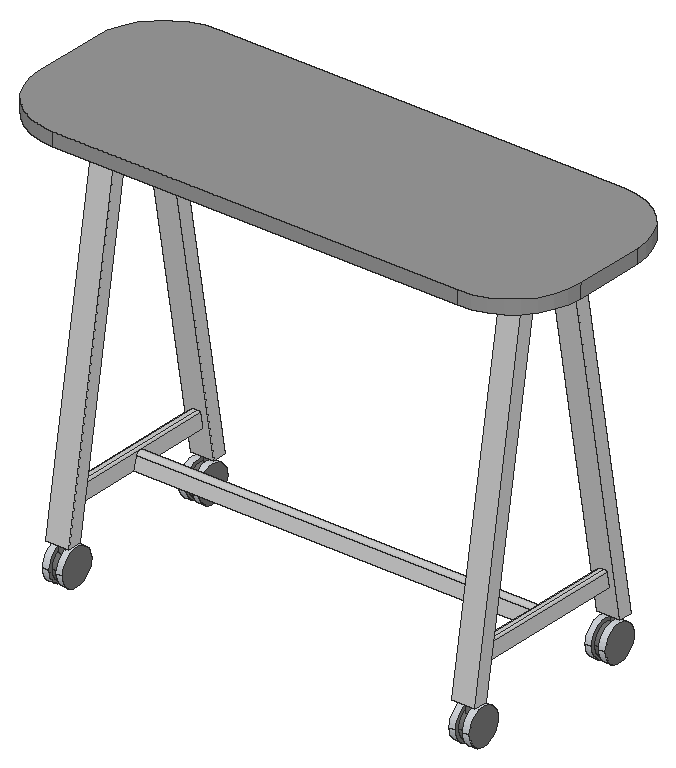
Revit family "Haworth_PopUp_Oval_Table_EU_PRELIMINARY", category Furniture, Revit 2018
Family settings
  OmniClass Number = 23.40.70.14.64.21
  OmniClass Title = Systems Furniture
  Work Plane-Based = No
  Always vertical = Yes
  Cut with Voids When Loaded = No
  Shared = No
  Room Calculation Point = No
Parameters (values of type "120 x 46 x 91.5")
  Warranty = "http://www.haworth.com/resources/product-info/warranties"
  URL - Product = "https://www.haworth.com/eu/en/products/meeting-tables/popup.html"
  Type Comments = ""
  Table Finish [instance] = Haworth _ Laminate _ Undecided _ Tables
  Small = Depth < 50 cm  # yes
  Plate Depth = Actual Depth - 35 cm  # 11 cm
  Model = "TPRPXXXX"  # constant formula
  Low = yes
  Leg Finish [instance] = Haworth _ Paint _ Undecided _ Table
  Min/Max Height = "91.5, 104 cm"  # constant formula
  Large = not(Small)  # no
  High = not(Low)  # no
  Glides = not(Casters)  # no
  Foot Rail Finish [instance] = Haworth _ Paint _ Undecided _ Table
  Description = "Haworth - PopUp - Oval Table"  # constant formula
  Width = 120 cm
  URL = "https://www.haworth.com/eu/en.html"
  Table Thickness = 3 cm  # constant formula
  Support Offset = 15 cm  # constant formula
  Size = "Verify Final Dim. w/ Haworth"  # constant formula
  Revision Number = "1"  # constant formula
  Min/Max Width = "120, 140, 160, 180 cm"  # constant formula
  Min/Max Depth = "46, 60, 76 cm"  # constant formula
  Min. Width = 120 cm  # constant formula
  Max. Width = 180 cm  # constant formula
  Min. Depth = 45 cm  # constant formula
  Max. Depth = 75 cm  # constant formula
  Manufacturer = "Haworth"  # constant formula
  Leg Height = Actual Height - Table Thickness  # 88.5 cm
  Depth = 46 cm
  Custom Size = not(and(or(Depth = 46 cm, Depth = 60 cm, Depth = 76 cm), or(Width = 120 cm, Width = 140 cm, Width = 160 cm, Width = 180 cm)))  # no
  Casters = yes
  Caster Finish = Haworth _ Paint _ Metallic Gunmetal
  Bag Hook [instance] = yes
  Author = "Haworth (Alias, Abd Rahman)"  # constant formula
  Assembly Code = "E2020200"
  Actual Width = if(Width < Min. Width, Min. Width, if(Width > Max. Width, Max. Width, Width))  # 120 cm
  Actual Height = if(Low, 91.5 cm, 104 cm)  # 91.5 cm
  Actual Depth = if(Depth > Max. Depth, Max. Depth, if(Depth < Min. Depth, Min. Depth, Depth))  # 46 cm
  Accent Plate [instance] = Depth > 50 cm  # no
Types (4, lengths in cm): name | Small | Plate Depth | Low | Large | High | Width | Leg Height | Depth | Actual Width | Actual Height | Actual Depth | Accent Plate
  180 x 76 x 104 | no | 40 | no | yes | yes | 180 | 101 | 76 | 180 | 104 | 75 | yes
  120 x 46 x 91.5 | yes | 11 | yes | no | no | 120 | 88.5 | 46 | 120 | 91.5 | 46 | no
  140 x 60 x 91.5 | no | 25 | no | yes | yes | 140 | 101 | 60 | 140 | 104 | 60 | yes
  160 x 76 x 91.5 | no | 40 | yes | yes | no | 160 | 88.5 | 76 | 160 | 91.5 | 75 | yes
Reference planes (cm)
  plane 1 "Center F/B": y = 15.6
  plane 2: z = 0
  plane 3 "Center L/R": x = 14.04
  plane 4 "Table Left": x = -45.96
  plane 5 "Table Right": x = 74.04
  plane 6 "Table Leg Left": x = -30.96
  plane 7 "Table Leg Right": x = 59.04
  plane 8 "Top": z = 91.5
  plane 9 "Table Thick": z = 88.5
  plane 10 "Bottom Stand 3": z = 15.0812
  plane 11 "Top Stand 3": z = 18.8912
  plane 12 "Back": y = 38.6
  plane 13 "Front": y = -7.4
  plane 14: y = -3.9822
  plane 15: y = 35.1822
  plane 16: x = 59.9915
  plane 17: x = 58.0865
  plane 18: x = -31.9115
  plane 19: x = -30.0065
  plane 20: y = 13.1
  plane 21: y = 18.1
  plane 22: z = 88.3571
  plane 23: x = -37.1469
  plane 24: x = -37.0453
  plane 25: z = 87
Forms (cm)
  Extrusion 1, solid, material "Haworth _ Laminate _ Undecided _ Tables" <- "Table Finish"
    sketch origin (0, 0, 91.5) x (-1, 0, 0) y (0, -1, 0)
      loop
        arc (30.72, -38.6) -> (41.4963, -34.1363) -> (45.96, -23.36) r 15.24
        line (45.96, -23.36) -> (45.96, -7.84)
        arc (45.96, -7.84) -> (41.4963, 2.9363) -> (30.72, 7.4) r 15.24
        line (30.72, 7.4) -> (-58.8, 7.4)
        arc (-58.8, 7.4) -> (-69.5763, 2.9363) -> (-74.04, -7.84) r 15.24
        line (-74.04, -7.84) -> (-74.04, -23.36)
        arc (-74.04, -23.36) -> (-69.5763, -34.1363) -> (-58.8, -38.6) r 15.24
        line (-58.8, -38.6) -> (30.72, -38.6)
    from 0 to -3
  Extrusion 2, solid, material "Haworth _ Paint _ Undecided _ Table" <- "Foot Rail Finish"
    sketch origin (14.04, 0, 0) x (0, 1, 0) y (0, 0, 1)
      loop
        line (13.8855, 15.0812) -> (17.3145, 15.0812) -> (16.5749, 17.8414)
        arc (16.5749, 17.8414) -> (15.6, 18.5895) -> (14.6251, 17.8414) r 1.0093
        line (14.6251, 17.8414) -> (13.8855, 15.0812)
    from -45 to 45
  Extrusion 3, solid, material "Haworth _ Paint _ Undecided _ Table" <- "Foot Rail Finish"
    sketch origin (0, -7.4, 0) x (1, 0, 0) y (0, 0, 1)
      loop
        line (58.0865, 15.0812) -> (59.9915, 15.0812) -> (59.9915, 18.3852)
        arc (59.9915, 18.3852) -> (59.8433, 18.743) -> (59.4855, 18.8912) r 0.506
        line (59.4855, 18.8912) -> (58.5945, 18.8912)
        arc (58.5945, 18.8912) -> (58.2353, 18.7425) -> (58.0865, 18.3833) r 0.508
        line (58.0865, 18.3833) -> (58.0865, 15.0812)
    from -42.5822 to -3.4178
  Extrusion 4, solid, material "Haworth _ Paint _ Undecided _ Table" <- "Foot Rail Finish"
    sketch origin (28.08, -7.4, 0) x (-1, 0, 0) y (0, 0, -1)
      loop
        line (58.0865, -15.0813) -> (58.0865, -18.3832)
        arc (58.0865, -18.3832) -> (58.2353, -18.7425) -> (58.5945, -18.8913) r 0.508
        line (58.5945, -18.8913) -> (59.4855, -18.8913)
        arc (59.4855, -18.8913) -> (59.8433, -18.743) -> (59.9915, -18.3852) r 0.506
        line (59.9915, -18.3852) -> (59.9915, -15.0813) -> (58.0865, -15.0813)
    from -42.5822 to -3.4178
  Extrusion 5, solid, material "Haworth _ Paint _ Undecided _ Table" <- "Leg Finish", visible <- "Bag Hook"
    sketch origin (0, -21.9, 0) x (1, 0, 0) y (0, 0, 1)
      loop
        line (-40.6805, 80.3212) -> (-40.8163, 80.252) -> (-39.4475, 77.5657)
        arc (-39.4475, 77.5657) -> (-38.0191, 76.9072) -> (-37.0453, 78.1424) r 1.2703
        line (-37.0453, 78.1424) -> (-37.0453, 88.5) -> (-41.1469, 88.5) -> (-41.1469, 88.3571) -> (-37.1469, 88.3571) -> (-37.1469, 78.1183)
        arc (-37.1469, 78.1183) -> (-38.0178, 77.0136) -> (-39.2953, 77.6026) r 1.1361
        line (-39.2953, 77.6026) -> (-40.6805, 80.3212)
    from -40 to -35
Lines and regions (cm)
  Masking region 1
    outline origin (0, 0, 91.5) x (-1, 0, 0) y (0, -1, 0)
      loop
        arc (30.72, -38.6) -> (41.4963, -34.1363) -> (45.96, -23.36) r 15.24
        line (45.96, -23.36) -> (45.96, -7.84)
        arc (45.96, -7.84) -> (41.4963, 2.9363) -> (30.72, 7.4) r 15.24
        line (30.72, 7.4) -> (-58.8, 7.4)
        arc (-58.8, 7.4) -> (-69.5763, 2.9363) -> (-74.04, -7.84) r 15.24
        line (-74.04, -7.84) -> (-74.04, -23.36)
        arc (-74.04, -23.36) -> (-69.5763, -34.1363) -> (-58.8, -38.6) r 15.24
        line (-58.8, -38.6) -> (30.72, -38.6)
Dimensions and locks (cm)
  "Support Offset": plane 4 "Table Left" to plane 6 "Table Leg Left"
  "Support Offset": plane 7 "Table Leg Right" to plane 5 "Table Right"
  "Actual Width": plane 4 "Table Left" to plane 5 "Table Right"
  equal spacing: plane 4 "Table Left", plane 3 "Center L/R", plane 5 "Table Right"
  "Actual Height": plane 8 "Top" to level
  "Table Thickness": plane 8 "Top" to plane 9 "Table Thick"
  equal spacing: plane 13 "Front", plane 1 "Center F/B", plane 12 "Back"
  "Actual Depth": plane 13 "Front" to plane 12 "Back"
  locked: plane 13 "Front" to plane 14 at 3.4178
  locked: plane 15 to plane 12 "Back" at 3.4178
  plane 17 to plane 7 "Table Leg Right" to plane 16 = 0.9535 cm locked, 0.9515 cm locked
  plane 19 to plane 6 "Table Leg Left" to plane 18 = 0.9535 cm locked, 0.9515 cm locked
  equal spacing: plane 21, plane 1 "Center F/B", plane 20, locked at 2.5 each
  plane 23 to plane 24 to plane 6 "Table Leg Left" = 0.1016 cm locked, 6.0853 cm locked
  locked: plane 9 "Table Thick" to plane 22 at 0.1429
  locked: plane 9 "Table Thick" to plane 25 at 1.5
  aligned and locked: plane 9 "Table Thick" to Extrusion 1
  aligned and locked: plane 8 "Top" to Extrusion 1
  aligned and locked: plane 7 "Table Leg Right" to Extrusion 2
  aligned and locked: Extrusion 2 to plane 6 "Table Leg Left"
  aligned and locked: plane 7 "Table Leg Right" to nested 1
  aligned and locked: plane 13 "Front" to nested 1
  aligned and locked: nested 2 to plane 7 "Table Leg Right"
  aligned and locked: nested 2 to plane 12 "Back"
  aligned and locked: Extrusion 3 to plane 15
  aligned and locked: plane 14 to Extrusion 3
  aligned and locked: plane 6 "Table Leg Left" to nested 3
  aligned and locked: nested 3 to plane 13 "Front"
  aligned and locked: nested 4 to plane 6 "Table Leg Left"
  aligned and locked: plane 12 "Back" to nested 4
  aligned and locked: Extrusion 3 sketch curve to plane 11 "Top Stand 3"
  aligned and locked: Extrusion 3 sketch curve to plane 10 "Bottom Stand 3"
  aligned and locked: Extrusion 3 sketch curve to plane 16
  aligned and locked: Extrusion 3 sketch curve to plane 17
  aligned and locked: Extrusion 4 sketch curve to plane 18
  aligned and locked: Extrusion 4 sketch curve to plane 19
  aligned and locked: plane 11 "Top Stand 3" to Extrusion 4 sketch curve
  aligned and locked: plane 10 "Bottom Stand 3" to Extrusion 4 sketch curve
  aligned and locked: plane 14 to Extrusion 4
  aligned and locked: Extrusion 4 to plane 15
  aligned and locked: Extrusion 5 sketch curve to plane 9 "Table Thick"
  aligned and locked: Extrusion 5 to plane 20
  aligned and locked: Extrusion 5 to plane 21
  aligned and locked: plane 24 to Extrusion 5 sketch curve
  aligned and locked: Extrusion 5 sketch curve to plane 23
  aligned and locked: Extrusion 5 sketch curve to plane 22
  aligned and locked: Extrusion 1 sketch curve to plane 12 "Back"
  aligned and locked: Extrusion 1 sketch curve to plane 13 "Front"
  aligned and locked: Extrusion 1 sketch curve to plane 5 "Table Right"
  aligned and locked: plane 4 "Table Left" to Extrusion 1 sketch curve
  aligned and locked: Masking region 1 sketch curve to Extrusion 1  (x4)
  aligned and locked: plane 7 "Table Leg Right" to nested 5
  aligned and locked: nested 5 to plane 25
  aligned and locked: nested 5 to plane 1 "Center F/B"
  aligned and locked: plane 6 "Table Leg Left" to nested 6
  aligned and locked: nested 6 to plane 25
  aligned and locked: plane 1 "Center F/B" to nested 6
Automatic sketch dimensions
  Extrusion 2 sketch curve to plane 10 "Bottom Stand 3" = 0 cm
  Extrusion 2 sketch curve to plane 1 "Center F/B" = 0 cm
  plane 1 "Center F/B" to Extrusion 2 sketch curve = 0.9749 cm
  plane 1 "Center F/B" to Extrusion 2 sketch curve = 1.7145 cm
  Extrusion 2 sketch curve to plane 1 "Center F/B" = 0.9749 cm
  Extrusion 2 sketch curve to plane 1 "Center F/B" = 1.7145 cm
  Extrusion 2 sketch curve to plane 11 "Top Stand 3" = 1.3111 cm
  Extrusion 2 sketch curve to Extrusion 2 sketch curve = 0.2612 cm
  Extrusion 3 sketch curve to plane 7 "Table Leg Right" = 0.4455 cm
  plane 7 "Table Leg Right" to Extrusion 3 sketch curve = 0.4455 cm
  Extrusion 4 sketch curve to plane 6 "Table Leg Left" = 0.4455 cm
  plane 6 "Table Leg Left" to Extrusion 4 sketch curve = 0.4455 cm
  Extrusion 5 sketch curve to plane 4 "Table Left" = 5.1437 cm
  Extrusion 5 sketch curve to Extrusion 5 sketch curve = 0.1358 cm
  Extrusion 5 sketch curve to Extrusion 5 sketch curve = 1.3688 cm
  Extrusion 5 sketch curve to Extrusion 5 sketch curve = 0.1523 cm
  Extrusion 5 sketch curve to Extrusion 5 sketch curve = 0.9796 cm
  Extrusion 5 sketch curve to Extrusion 5 sketch curve = 0.0326 cm
  Extrusion 5 sketch curve to Extrusion 5 sketch curve = 4 cm
  Extrusion 5 sketch curve to Extrusion 5 sketch curve = 8.0359 cm
  Extrusion 5 sketch curve to Extrusion 5 sketch curve = 0.0692 cm
  Extrusion 5 sketch curve to Extrusion 5 sketch curve = 2.1788 cm
  Extrusion 5 sketch curve to Extrusion 5 sketch curve = 0.0241 cm
  plane 6 "Table Leg Left" to Extrusion 1 sketch curve = 0.24 cm  (x2)
  Extrusion 1 sketch curve to plane 7 "Table Leg Right" = 0.24 cm  (x2)
Nested families (cm)
  nested 1: "Haworth_PopUp-Leg_PART" at (59.04, 14.19, 0), Large Plate Control <- "Small", Small Plate Control <- "Large", type "Leg"
    with Small Plate Control no, Large Plate Control yes, Table 41h no, Table 36h yes, Leg Height 88.5 cm, Depth 18.3753 cm
  nested 2: "Haworth_PopUp-Leg_PART" at (59.04, 17.01, 0), Small Plate Control <- "Large", type "Leg"
    with Small Plate Control no, Large Plate Control no, Table 41h no, Table 36h yes, Leg Height 88.5 cm, Depth 18.3753 cm
  nested 3: "Haworth_PopUp-Leg_PART" at (-30.96, 14.19, 0) x (-1, 0, 0) z (0, 0, 1), Large Plate Control <- "Small", Small Plate Control <- "Large", type "Leg"
    with Small Plate Control no, Large Plate Control yes, Table 41h no, Table 36h yes, Leg Height 88.5 cm, Depth 18.3753 cm
  nested 4: "Haworth_PopUp-Leg_PART" at (-30.96, 17.01, 0) x (-1, 0, 0) z (0, 0, 1), Small Plate Control <- "Large", type "Leg"
    with Small Plate Control no, Large Plate Control no, Table 41h no, Table 36h yes, Leg Height 88.5 cm, Depth 18.3753 cm
  nested 5: "Haworth_PopUp-AccentPlate_PART" at (59.04, -0.8039, -1.5), visible <- "Accent Plate", type "Accent Plate"
    with Accent Plate Width 11 cm
  nested 6: "Haworth_PopUp-AccentPlate_PART" at (-30.96, -0.8039, -1.5) x (-1, 0, 0) z (0, 0, 1), visible <- "Accent Plate", type "Accent Plate"
    with Accent Plate Width 11 cm
Definition of nested family "Haworth_PopUp-Leg_PART"
  Parameters (values of type "Leg")
    Warranty = "http://www.haworth.com/resources/product-info/warranties"
    URL - Product = "https://www.haworth.com/products/tables/collaborative/popup"
    URL = "www.haworth.com"
    Table 41h = yes
    Table 36h = no
    Support Thickness = 0.7938 cm  # constant formula
    Small Plate Control [instance] = yes
    Revision = "1"  # constant formula
    Model = "Haworth PopUp"  # constant formula
    Manufacturer = "Haworth"  # constant formula
    Leg Height = 101.1238 cm
    Leg Finish = none
    Large Plate Control [instance] = yes
    Glides = no
    Description = "Haworth - PopUp Table - Leg_Part"  # constant formula
    Depth = if(Table 41h, 20.5978 cm, 18.3753 cm)  # 20.5978 cm
    Casters = yes
    Caster Finish = none
    Bottom Leg = if(Casters, 8.7313 cm, 2.54 cm)  # 8.7313 cm
    Author = "Haworth (Alias, Abd Rahman)"  # constant formula
    Assembly Code = ""
  Reference planes (cm)
    plane 1 "Back": y = -0.9922
    plane 2: z = 0
    plane 3 "Center (Left/Right)": x = 0
    plane 4 "Top of Leg": z = 101.1238
    plane 5 "Right": x = 2.54
    plane 6 "Left": x = -2.54
    plane 7 "Front": y = -21.59
    plane 8 "Front Stand 1": through (0, -20.3978, 7.62) normal (0, -0.9848, 0.1736)
    plane 9 "Back Stand 1": through (0, -17.4274, 7.0962) normal (0, -0.9848, 0.1736)
    plane 10 "Top of Stand": z = 100.33
    plane 11 "Back Support": y = 3.3413
    plane 12 "Right Support": x = 3.1673
    plane 13 "Front Support": y = -6.8187
    plane 14 "Left Support": x = -9.5327
    plane 15 "Caster Height": z = 8.7312
    plane 16 "Front Casters": y = -18.6472
    plane 17: y = -19.937
    plane 18: y = 10.1327
    plane 19: x = 6.985
    plane 20: x = -7.0488
    plane 21: y = -10.1873
  Forms (cm)
    Extrusion 1, solid, material <- "Leg Finish"
      sketch origin (-2.54, 0, 0) x (0, -1, 0) y (0, 0, 1)
        loop
          line (20.2019, 8.7312) -> (4.0505, 100.33) -> (0.9877, 100.33) -> (17.1391, 8.7312) -> (20.2019, 8.7312)
      from -5.08 to 0
    Extrusion 2, solid, material <- "Leg Finish", visible <- "Small Plate Control"
      sketch origin (0, 0, 100.33) x (0, -1, 0) y (1, 0, 0)
        loop
          arc (-3.3413, -8.8977) -> (-3.1553, -9.3467) -> (-2.7063, -9.5327) r 0.635
          line (-2.7063, -9.5327) -> (6.1837, -9.5327)
          arc (6.1837, -9.5327) -> (6.6327, -9.3467) -> (6.8187, -8.8977) r 0.635
          line (6.8187, -8.8977) -> (6.8187, 2.5323)
          arc (6.8187, 2.5323) -> (6.6327, 2.9814) -> (6.1837, 3.1673) r 0.635
          line (6.1837, 3.1673) -> (-2.7063, 3.1673)
          arc (-2.7063, 3.1673) -> (-3.1553, 2.9814) -> (-3.3413, 2.5323) r 0.635
          line (-3.3413, 2.5323) -> (-3.3413, -8.8977)
      from 0 to 0.7937
    Extrusion 3, solid, visible <- "Glides"
      sketch origin (0, 0, 100.33) x (0, -1, 0) y (1, 0, 0)
        loop
          circle (19.937, 0) r 1.27
      from -100.33 to -91.5988
    Extrusion 4, solid, material <- "Leg Finish", visible <- "Large Plate Control"
      sketch origin (0, 0, 100.33) x (0, -1, 0) y (1, 0, 0)
        loop
          arc (-10.1327, -6.4138) -> (-9.9467, -6.8628) -> (-9.4977, -7.0488) r 0.635
          line (-9.4977, -7.0488) -> (9.5523, -7.0488)
          arc (9.5523, -7.0488) -> (10.0013, -6.8628) -> (10.1873, -6.4138) r 0.635
          line (10.1873, -6.4138) -> (10.1873, 6.35)
          arc (10.1873, 6.35) -> (10.0013, 6.799) -> (9.5523, 6.985) r 0.635
          line (9.5523, 6.985) -> (-9.4977, 6.985)
          arc (-9.4977, 6.985) -> (-9.9467, 6.799) -> (-10.1327, 6.35) r 0.635
          line (-10.1327, 6.35) -> (-10.1327, -6.4138)
      from 0 to 0.7937
  Lines and regions (cm)
    symbolic lines, detail levels medium+fine
      curve 1: line (-2.54, -21.59, 100.33) -> (2.54, -21.59, 100.33)
      curve 2: line (2.54, -21.59, 100.33) -> (2.54, -0.9922, 100.33)
      curve 3: line (2.54, -0.9922, 100.33) -> (-2.54, -0.9922, 100.33)
      curve 4: line (-2.54, -0.9922, 100.33) -> (-2.54, -21.59, 100.33)
    symbolic lines, visible <- "Small Plate Control", detail levels medium+fine
      curve 5: line (2.5323, 3.3413, 100.33) -> (-8.8977, 3.3413, 100.33)
      curve 6: arc (-8.8977, 3.3413, 100.33) -> (-9.3467, 3.1553, 100.33) -> (-9.5327, 2.7063, 100.33) r 0.635
      curve 7: line (-9.5327, 2.7063, 100.33) -> (-9.5327, -6.1837, 100.33)
      curve 8: arc (-9.5327, -6.1837, 100.33) -> (-9.3467, -6.6327, 100.33) -> (-8.8977, -6.8187, 100.33) r 0.635
      curve 9: line (-8.8977, -6.8187, 100.33) -> (2.5323, -6.8187, 100.33)
      curve 10: arc (2.5323, -6.8187, 100.33) -> (2.9814, -6.6327, 100.33) -> (3.1673, -6.1837, 100.33) r 0.635
      curve 11: line (3.1673, -6.1837, 100.33) -> (3.1673, 2.7063, 100.33)
      curve 12: arc (3.1673, 2.7063, 100.33) -> (2.9814, 3.1553, 100.33) -> (2.5323, 3.3413, 100.33) r 0.635
    symbolic lines, visible <- "Large Plate Control", detail levels medium+fine
      curve 13: line (6.985, -9.5523, 100.33) -> (6.985, 9.4977, 100.33)
      curve 14: arc (6.985, 9.4977, 100.33) -> (6.799, 9.9467, 100.33) -> (6.35, 10.1327, 100.33) r 0.635
      curve 15: line (6.35, 10.1327, 100.33) -> (-6.4138, 10.1327, 100.33)
      curve 16: arc (-6.4138, 10.1327, 100.33) -> (-6.8628, 9.9467, 100.33) -> (-7.0488, 9.4977, 100.33) r 0.635
      curve 17: line (-7.0488, 9.4977, 100.33) -> (-7.0488, -9.5523, 100.33)
      curve 18: arc (-7.0488, -9.5523, 100.33) -> (-6.8628, -10.0013, 100.33) -> (-6.4138, -10.1873, 100.33) r 0.635
      curve 19: line (-6.4138, -10.1873, 100.33) -> (6.35, -10.1873, 100.33)
      curve 20: arc (6.35, -10.1873, 100.33) -> (6.799, -10.0013, 100.33) -> (6.985, -9.5523, 100.33) r 0.635
  Dimensions and locks (cm)
    "Leg Height": plane 4 "Top of Leg" to level
    "Support Thickness": plane 4 "Top of Leg" to plane 10 "Top of Stand"
    "Bottom Leg": plane 15 "Caster Height" to plane 2
    "Depth": plane 7 "Front" to plane 1 "Back"
    aligned and locked: Extrusion 1 sketch curve to plane 9 "Back Stand 1"
    aligned and locked: plane 8 "Front Stand 1" to Extrusion 1 sketch curve
    aligned and locked: plane 10 "Top of Stand" to Extrusion 1 sketch curve
    aligned and locked: plane 5 "Right" to Extrusion 1
    aligned and locked: plane 6 "Left" to Extrusion 1
    aligned and locked: Extrusion 2 to plane 10 "Top of Stand"
    aligned and locked: plane 4 "Top of Leg" to Extrusion 2
    aligned and locked: Extrusion 2 sketch curve to plane 12 "Right Support"
    aligned and locked: Extrusion 2 sketch curve to plane 13 "Front Support"
    aligned and locked: Extrusion 2 sketch curve to plane 14 "Left Support"
    aligned and locked: Extrusion 2 sketch curve to plane 11 "Back Support"
    aligned and locked: Extrusion 1 sketch curve to plane 15 "Caster Height"
    aligned and locked: plane 3 "Center (Left/Right)" to Extrusion 3 sketch curve
    aligned and locked: Extrusion 3 to level
    aligned and locked: plane 15 "Caster Height" to Extrusion 3
    aligned and locked: nested 1 to plane 16 "Front Casters"
    aligned and locked: nested 1 to plane 3 "Center (Left/Right)"
    aligned and locked: plane 17 to Extrusion 3 sketch curve
    aligned and locked: plane 7 "Front" to curve 1
    aligned and locked: plane 5 "Right" to curve 2
    aligned and locked: plane 6 "Left" to curve 4
    aligned and locked: Extrusion 4 sketch curve to plane 19
    aligned and locked: Extrusion 4 sketch curve to plane 18
    aligned and locked: plane 20 to Extrusion 4 sketch curve
    aligned and locked: Extrusion 4 sketch curve to plane 21
    aligned and locked: Extrusion 4 to plane 10 "Top of Stand"
    aligned and locked: plane 4 "Top of Leg" to Extrusion 4
    aligned and locked: curve 7 to Extrusion 2
    aligned and locked: curve 8 to Extrusion 2
    aligned and locked: curve 10 to Extrusion 2
    aligned and locked: curve 12 to Extrusion 2
    aligned and locked: curve 13 to Extrusion 4
    aligned and locked: curve 15 to Extrusion 4
    aligned and locked: curve 17 to Extrusion 4
    aligned and locked: curve 19 to Extrusion 4
  Automatic sketch dimensions
    Extrusion 2 sketch curve to plane 11 "Back Support" = 0.635 cm  (x2)
    Extrusion 2 sketch curve to plane 13 "Front Support" = 0.635 cm  (x2)
    plane 1 "Back" to curve 3 = 0 cm
    Extrusion 4 sketch curve to Extrusion 4 sketch curve = 0.635 cm  (x2)
    Extrusion 4 sketch curve to plane 18 = 0.635 cm
    Extrusion 4 sketch curve to plane 21 = 0.635 cm
    curve 5 to curve 6 = 0.635 cm
    curve 15 to curve 16 = 0.635 cm
    curve 13 to plane 18 = 0.635 cm
    curve 18 to curve 18 = 0.635 cm
    curve 20 to curve 20 = 0.635 cm
    radius of Extrusion 3 sketch curve = 1.27 cm
  Nested families (cm)
    nested 1: "Haworth_3in Caster_Part" at (0, -18.6472, 0) x (-1, 0, 0) z (0, 0, 1), visible <- "Casters", type "Haworth_3in Caster_Part"
  Definition of nested family "Haworth_3in Caster_Part"
    Parameters (values of type "Haworth_3in Caster_Part")
      Caster Finish = none
      Cart Leg Finish = none
      Assembly Code = ""
    Reference planes (cm)
      plane 1 "Center (Front/Back)": y = 0
      plane 2: z = 0
      plane 3 "Center (Left/Right)": x = 0
    Forms (cm)
      Extrusion 1, solid
        sketch origin (0, 0, -0.0538) x (0, 1, 0) y (0, 0, 1)
          loop
            circle (-1.2369, 4.0225) r 3.9688
        from 2.2225 to 0.7938
      Extrusion 2, solid
        sketch origin (0, 0, -0.0538) x (0, 1, 0) y (0, 0, 1)
          loop
            circle (-1.2369, 4.0225) r 3.9688
        from -2.2225 to -0.7938
      Extrusion 3, solid, material <- "Cart Leg Finish"
        sketch origin (0, 0, 0) x (0, 1, 0) y (0, 0, 1)
          loop
            circle (-1.2369, 3.9687) r 3.3338
        from -0.7938 to 0.7938
      Extrusion 4, solid, material <- "Cart Leg Finish"
        sketch origin (0, 0, 0) x (1, 0, 0) y (0, 1, 0)
          loop
            circle (0, 0) r 0.635
        from 6.1913 to 8.7313
    Cuts and joins
      joined: Extrusion 3, Extrusion 4
    Dimensions and locks (cm)
      plane 3 "Center (Left/Right)" to Extrusion 2 = 0.7938 cm
      Extrusion 1 to plane 3 "Center (Left/Right)" = 2.2225 cm
Definition of nested family "Haworth_PopUp-AccentPlate_PART"
  Parameters (values of type "Accent Plate")
    Warranty = "http://www.haworth.com/resources/product-info/warranties"
    URL - Product = "https://www.haworth.com/products/tables/collaborative/popup"
    URL = "www.haworth.com"
    Revision = "1"  # constant formula
    Model = "Haworth PopUp"  # constant formula
    Manufacturer = "Haworth"  # constant formula
    Leg Height = 88.5 cm
    Leg Finish = none
    Description = "Haworth - PopUp Table - Accent Plate - Part"  # constant formula
    Bottom Leg = 8.7313 cm
    Author = "Haworth (Abd Rahman)"  # constant formula
    Assembly Code = ""
    Accent Plate Width = 40 cm
  Reference planes (cm)
    plane 1: y = -3.5961
    plane 2: z = 0
    plane 3 "Center (Left/Right)": x = 0
    plane 4 "Top of Leg": z = 88.5
    plane 5 "Front Stand 1": through (0, -20.3978, 7.62) normal (0, -0.9848, 0.1736)
    plane 6 "Back Stand 1": through (0, -17.4274, 7.0962) normal (0, -0.9848, 0.1736)
    plane 7 "Left Support": x = -1.5
    plane 8 "Caster Height": z = 8.7312
    plane 9: x = 1.5
    plane 10: y = 36.4039
    plane 11: y = 16.4039
    plane 12: z = 82.5
  Forms (cm)
    Extrusion 1, solid, material <- "Leg Finish"
      sketch origin (-7.7377, -1.308, 1.1894) x (1, 0, 0) y (0, 0, 1)
        loop
          line (6.2377, 81.3106) -> (9.2377, 81.3106) -> (9.2377, 86.8046)
          arc (9.2377, 86.8046) -> (9.0895, 87.1624) -> (8.7317, 87.3106) r 0.506
          line (8.7317, 87.3106) -> (6.7457, 87.3106)
          arc (6.7457, 87.3106) -> (6.3865, 87.1618) -> (6.2377, 86.8026) r 0.508
          line (6.2377, 86.8026) -> (6.2377, 81.3106)
      from 2.2881 to -37.7119
  Lines and regions (cm)
    Masking region 1
      outline origin (0, 0, 87.7063) x (0, -1, 0) y (1, 0, 0)
        loop
          line (-36.4039, -1.5) -> (3.5961, -1.5) -> (3.5961, 1.5) -> (-36.4039, 1.5) -> (-36.4039, -1.5)
  Dimensions and locks (cm)
    "Leg Height": plane 4 "Top of Leg" to level
    "Bottom Leg": plane 8 "Caster Height" to plane 2
    equal spacing: plane 1, plane 11, plane 10
    "Accent Plate Width": plane 1 to plane 10
    locked: plane 4 "Top of Leg" to plane 12 at 6
    equal spacing: plane 7 "Left Support", plane 3 "Center (Left/Right)", plane 9
    aligned and locked: Extrusion 1 to plane 10
    aligned and locked: plane 1 to Extrusion 1
    aligned and locked: plane 4 "Top of Leg" to Extrusion 1
    aligned and locked: plane 12 to Extrusion 1
    aligned and locked: Masking region 1 sketch curve to plane 1
    aligned and locked: Masking region 1 sketch curve to plane 9
    aligned and locked: Masking region 1 sketch curve to plane 7 "Left Support"
    aligned and locked: plane 10 to Masking region 1 sketch curve
    aligned and locked: plane 9 to Extrusion 1
    aligned and locked: Extrusion 1 to plane 7 "Left Support"
  Automatic sketch dimensions
    Extrusion 1 sketch curve to plane 7 "Left Support" = 0 cm
    Extrusion 1 sketch curve to Extrusion 1 sketch curve = 0.508 cm
    Extrusion 1 sketch curve to plane 7 "Left Support" = 2.494 cm
    Extrusion 1 sketch curve to plane 7 "Left Support" = 3 cm
    Extrusion 1 sketch curve to plane 4 "Top of Leg" = 6 cm
    Extrusion 1 sketch curve to plane 4 "Top of Leg" = 0.508 cm
